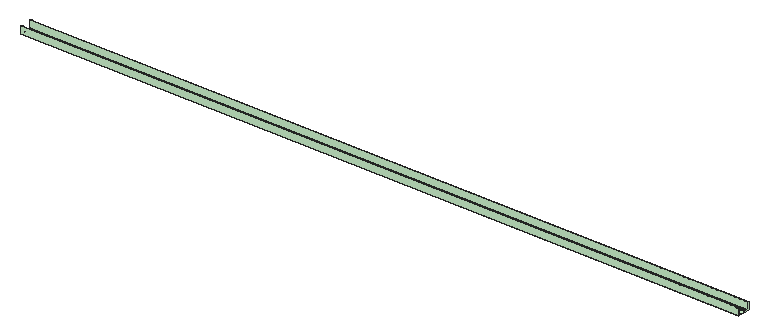
Revit family "WR-65", category 機械設備, Revit 2020
Family settings
  丸型コネクタ寸法 = 直径を使用
  種別 = なし
  パーツ タイプ = 標準
  作業面ベース = いいえ
  常に垂直 = はい
  ロード時にボイドで切り取り = いいえ
  共有 = いいえ
  部屋計算ポイント = いいえ
Parameters
  製造元 = "株式会社桐井製作所"
  既定の高さ = 0 mm
  URL = "https://www.kirii.co.jp/"
  K_長さ(mm) [instance] = 4000 mm
  K_材質 = "SGCCまたはSGHC　一般用"
  K_断面積A(mm2) = 115.5
  K_断面係数Zy(mm3) = 2624
  K_断面係数Zx(mm3) = 678.4
  K_断面2次半径iy(mm) = 27.6
  K_断面2次半径ix(mm) = 13
  K_断面2次モーメントIy(mm4) = 87930
  K_断面2次モーメントIx(mm4) = 19500
  K_外形寸法(mm) = "67×40×0.8"
  K_品名 = "WR-65"
  K_名称 = "ランナー"
  K_単位質量(kg/m) = 0.933
  K_ヤング係数E(N/mm2) = 205000
  K_バージョン情報 = "20210524"
  K_めっき付着量 = "Z12"
  K_JIS規格 = "JIS G 3302"
  K_JIS外 [instance] = not(K_JIS)  # no
  K_JIS [instance] = yes
Reference planes
  plane 1 "中心(正面/背面)": y = 0
  plane 2: z = 0
  plane 3 "中心(左/右)": x = 0
  plane 4: x = 4000
  plane 5: y = -33.5
  plane 6: y = 33.5
  plane 7: y = 33.5
  plane 8: y = -33.5
  plane 9: z = 40
Forms (mm)
  Extrusion 1, solid
    sketch origin (0, 0, 0) x (0, 1, 0) y (0, 0, 1)
      loop
        line (13.491, 0) -> (14.31, 0.819) -> (22.71, 0.819) -> (23.529, 0) -> (33.5, 0) -> (33.5, 40) -> (32.7, 40) -> (32.7, 0.8) -> (23.86, 0.8) -> (23.041, 1.619) -> (13.979, 1.619) -> (13.159, 0.8) -> (-13.179, 0.8) -> (-13.979, 1.6) -> (-23.041, 1.6) -> (-23.841, 0.8) -> (-32.7, 0.8) -> (-32.7, 40) -> (-33.5, 40) -> (-33.5, 0) -> (-23.51, 0) -> (-22.71, 0.8) -> (-14.31, 0.8) -> (-13.51, 0) -> (13.491, 0)
    from 0 to 4000
Dimensions and locks
  "K_長さ(mm)": plane 3 "中心(左/右)" to plane 4
  aligned and locked: level to plane 2
  aligned and locked: plane 4 to Extrusion 1
  aligned and locked: Extrusion 1 sketch curve to plane 6
  aligned and locked: plane 5 to Extrusion 1 sketch curve
  aligned and locked: Extrusion 1 to plane 4
Automatic sketch dimensions
  Extrusion 1 sketch curve to level = 0 mm  (x3)
  Extrusion 1 sketch curve to Extrusion 1 sketch curve = 0.8 mm  (x5)
  level to Extrusion 1 sketch curve = 0.8 mm  (x4)
  Extrusion 1 sketch curve to Extrusion 1 sketch curve = 8.859 mm
  Extrusion 1 sketch curve to Extrusion 1 sketch curve = 0.331 mm  (x8)
  Extrusion 1 sketch curve to Extrusion 1 sketch curve = 8.4 mm  (x2)
  level to Extrusion 1 sketch curve = 1.6 mm
  Extrusion 1 sketch curve to plane 1 "中心(正面/背面)" = 13.159 mm
  Extrusion 1 sketch curve to Extrusion 1 sketch curve = 0.819 mm  (x2)
  level to Extrusion 1 sketch curve = 0.819 mm
  Extrusion 1 sketch curve to Extrusion 1 sketch curve = 39.2 mm  (x2)
